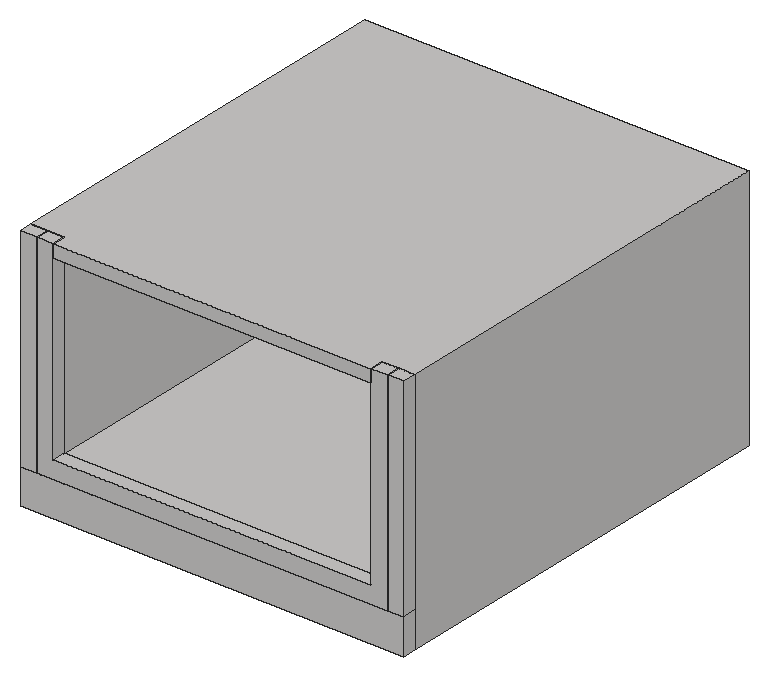
Revit family "QF_ELECTROLUXPROFESSIONAL_588679_MB1NCAGOOO", category Attrezzature speciali, Revit 2020
Family settings
  Quota connettore circolare = Usa diametro
  Tipo di parte = Normale
  Basato su piano di lavoro = No
  Sempre verticale = Sì
  Taglio con vuoti quando caricato = No
  Condiviso = No
  Punto di calcolo locali = No
Parameters (values of type "Standard")
  Weight = 20.00 kg
  Watts = 0 W
  Volts = 0 V
  URL Manufacturer = "https://www.electroluxprofessional.com/"
  URL = "https://www.electroluxprofessional.com/"
  Steam Supply Size = 0"
  Steam Supply Minimum Pressure = 0.00 psi
  Steam Supply Maximum Pressure = 0.00 psi
  Steam Consumption per Hour = 0
  Refrigeration Suction Line Size = 0 mm
  Refrigeration Liquid Line Size = 0 mm
  Refrigerant Compressor Remote = yes
  Prospetto di default = 0 mm
  Phase = 0
  Modello = "MB1NCAGOOO"
  Produttore = "Electrolux Professional"
  Length Actual = 700 mm  # constant formula
  Item Number = "588679"
  Hot Water Size = 0"
  Height Actual = 450 mm  # constant formula
  HP = "0 HP"
  Gas Size = 0"
  Gas KW = 0
  Gas Input Pressure = 0.0 Btu/h
  Direct Waste Size = 0"
  Descrizione = "OPEN BASE,GN,1-SIDE,700X850X450H"
  Depth Actual = 850 mm  # constant formula
  Cycle = 0 Hz
  Condensate Return Size = 0"
  Compressed Air Volume = 0 GPM
  Compressed Air Size = 0"
  Compressed Air Pressure = 0.00 psi
  Cold Water Size = 0"
  Accessory = yes
Reference planes
  plane 1 "BACK": y = 0
  plane 2: z = 0
  plane 3 "LEFT": x = 0
  plane 4 "RIGHT": x = 700
  plane 5 "FRONT": y = -850
  plane 6 "PLAIN": z = 900
  plane 7 "Center (Left/Right)": x = 350
  plane 8 "Center (Front/Back)": y = -425
  plane 9 "TOP": z = 650
  plane 10 "BASE": z = 200
  plane 11: x = 622
  plane 12: x = 78
  plane 13 "Feet_back": y = -150
  plane 14 "Feet_Front": y = -720
  plane 15: x = 30
  plane 16: x = 670
  plane 17: z = 265
  plane 18: y = -45
  plane 19: y = -805
  plane 20: y = -70
  plane 21: y = -830
  plane 22 "ButtonZ": z = 590
Forms (mm)
  Extrusion 1, solid, material "QF_Finishes_Stainless Steel"
    sketch origin (0, 0, 650) x (0, 1, 0) y (0, 0, 1)
      loop
        line (-45, -450) -> (-45, 0) -> (-805, 0) -> (-805, -450) -> (-45, -450)
    from 0 to 700
  Extrusion 2, solid, material "QF_Finishes_Stainless Steel"
    sketch origin (0, 0, 650) x (0, 1, 0) y (0, 0, 1)
      loop
        line (-830, -450) -> (-805, -450) -> (-805, -385) -> (-830, -385) -> (-830, -450)
    from 0 to 700
  Extrusion 3, void
    sketch origin (0, -850, 0) x (1, 0, 0) y (0, 0, 1)
      loop
        line (30, 650) -> (30, 265) -> (670, 265) -> (670, 650) -> (30, 650)
    from 0 to -780
  Extrusion 4, solid, material "QF_Finishes_Stainless Steel"
    sketch origin (0, -850, 0) x (1, 0, 0) y (0, 0, 1)
      loop
        line (60, 650) -> (60, 627) -> (640, 627) -> (640, 650) -> (60, 650)
    from -20 to -805
  Extrusion 5, solid, material "QF_Finishes_Stainless Steel"
    sketch origin (0, -850, 0) x (1, 0, 0) y (0, 0, 1)
      loop
        line (30, 650) -> (30, 265) -> (670, 265) -> (670, 650) -> (640, 650) -> (640, 295) -> (60, 295) -> (60, 650) -> (30, 650)
    from -45 to -780
  Extrusion 6, solid, material "QF_Finishes_Stainless Steel"
    sketch origin (0, -850, 0) x (1, 0, 0) y (0, 0, 1)
      loop
        line (0, 650) -> (0, 265) -> (30, 265) -> (30, 650) -> (0, 650)
    from -20 to -45
  Extrusion 7, solid, material "QF_Finishes_Stainless Steel"
    sketch origin (0, -850, 0) x (1, 0, 0) y (0, 0, 1)
      loop
        line (670, 650) -> (670, 265) -> (700, 265) -> (700, 650) -> (670, 650)
    from -20 to -45
  Extrusion 8, solid, material "QF_Finishes_Stainless Steel"
    sketch origin (85, -850, 0) x (1, 0, 0) y (0, 0, 1)
      loop
        line (-55, 650) -> (-55, 265) -> (585, 265) -> (585, 650) -> (555, 650) -> (555, 297) -> (-25, 297) -> (-25, 650) -> (-55, 650)
    from -20 to -45
Cuts and joins
  Extrusion 3 cuts Extrusion 1
  joined: Extrusion 1, Extrusion 4, Extrusion 5
Lines and regions (mm)
  symbolic lines, style "SpecialityEquipmentHiddenLines"
    curve 1: line (0, 0, 0) -> (700, 0, 0)
    curve 2: line (0, -850, 0) -> (0, 0, 0)
    curve 3: line (700, -850, 0) -> (0, -850, 0)
    curve 4: line (700, 0, 0) -> (700, -850, 0)
Dimensions and locks
  plane 3 "LEFT" to plane 4 "RIGHT" = 700 mm
  plane 5 "FRONT" to plane 1 "BACK" = 850 mm
  equal spacing: plane 3 "LEFT", plane 7 "Center (Left/Right)", plane 4 "RIGHT"
  equal spacing: plane 5 "FRONT", plane 8 "Center (Front/Back)", plane 1 "BACK"
  plane 6 "PLAIN" to plane 9 "TOP" = 250 mm
  plane 10 "BASE" to level = 200 mm
  plane 9 "TOP" to plane 10 "BASE" = 450 mm
  locked: plane 1 "BACK" to plane 13 "Feet_back" at 150
  locked: plane 14 "Feet_Front" to plane 5 "FRONT" at 130
  locked: plane 12 to plane 3 "LEFT" at 78
  locked: plane 11 to plane 4 "RIGHT" at 78
  locked: plane 17 to plane 10 "BASE" at 65
  locked: plane 1 "BACK" to plane 18 at 45
  plane 9 "TOP" to Extrusion 4 sketch curve = 23 mm
  locked: Extrusion 4 sketch curve to plane 15 at 30
  locked: plane 16 to Extrusion 4 sketch curve at 30
  locked: Extrusion 5 sketch curve to plane 17 at 30
  plane 6 "PLAIN" to level = 900 mm
  locked: plane 18 to plane 20 at 25
  locked: plane 21 to plane 5 "FRONT" at 20
  locked: plane 19 to plane 21 at 25
  plane 18 to plane 21 = 785 mm
  plane 22 "ButtonZ" to level = 590 mm
  plane 15 to plane 3 "LEFT" = 30 mm
  plane 16 to plane 4 "RIGHT" = 30 mm
  Extrusion 8 to Extrusion 8 = 580 mm
  aligned and locked: level to plane 2
  aligned and locked: Extrusion 1 to plane 4 "RIGHT"
  aligned and locked: Extrusion 1 to plane 3 "LEFT"
  aligned and locked: Extrusion 2 to plane 4 "RIGHT"
  aligned and locked: plane 9 "TOP" to Extrusion 3 sketch curve
  aligned and locked: Extrusion 3 sketch curve to plane 15
  aligned and locked: plane 16 to Extrusion 3 sketch curve
  aligned and locked: Extrusion 2 to plane 10 "BASE"
  aligned and locked: Extrusion 2 to plane 17
  aligned and locked: plane 17 to Extrusion 3 sketch curve
  aligned and locked: Extrusion 4 to plane 18
  aligned and locked: Extrusion 5 sketch curve to plane 15
  aligned and locked: plane 16 to Extrusion 5 sketch curve
  aligned and locked: plane 9 "TOP" to Extrusion 5 sketch curve  (x2)
  aligned and locked: plane 17 to Extrusion 5 sketch curve
  aligned and locked: Extrusion 5 sketch curve to Extrusion 4  (x2)
  aligned and locked: Extrusion 6 sketch curve to plane 9 "TOP"
  aligned and locked: plane 3 "LEFT" to Extrusion 6 sketch curve
  aligned and locked: Extrusion 6 sketch curve to plane 17
  aligned and locked: Extrusion 6 sketch curve to plane 15
  aligned and locked: Extrusion 7 sketch curve to plane 9 "TOP"
  aligned and locked: plane 16 to Extrusion 7 sketch curve
  aligned and locked: Extrusion 7 sketch curve to plane 17
  aligned and locked: plane 4 "RIGHT" to Extrusion 7 sketch curve
  aligned and locked: Extrusion 5 to plane 20
  aligned and locked: cut or joined group of Extrusion 1, Extrusion 3, Extrusion 4, Extrusion 5 to plane 20
  aligned and locked: cut or joined group of Extrusion 1, Extrusion 3, Extrusion 4, Extrusion 5 to plane 18
  aligned and locked: Extrusion 6 to plane 19
  aligned and locked: plane 21 to Extrusion 6
  aligned and locked: plane 21 to Extrusion 7
  aligned and locked: Extrusion 7 to plane 19
  aligned and locked: Extrusion 2 to plane 19
  aligned and locked: plane 21 to Extrusion 2
  aligned and locked: plane 19 to cut or joined group of Extrusion 1, Extrusion 3, Extrusion 4, Extrusion 5
  aligned and locked: Extrusion 8 sketch curve to plane 16
  aligned and locked: plane 15 to Extrusion 8 sketch curve
  aligned and locked: Extrusion 8 sketch curve to plane 17
  aligned and locked: plane 21 to cut or joined group of Extrusion 1, Extrusion 3, Extrusion 4, Extrusion 5
Automatic sketch dimensions
  curve 3 to plane 3 "LEFT" = 0 mm
  curve 3 to plane 4 "RIGHT" = 0 mm
  plane 5 "FRONT" to curve 3 = 0 mm
  plane 1 "BACK" to curve 2 = 0 mm
  Extrusion 1 sketch curve to plane 10 "BASE" = 0 mm
  plane 19 to Extrusion 1 sketch curve = 0 mm
  Extrusion 1 sketch curve to plane 18 = 0 mm
  Extrusion 1 sketch curve to plane 9 "TOP" = 0 mm
  plane 17 to Extrusion 2 sketch curve = 0 mm
  Extrusion 2 sketch curve to plane 21 = 0 mm
  Extrusion 2 sketch curve to plane 10 "BASE" = 0 mm
  Extrusion 2 sketch curve to plane 19 = 0 mm
  Extrusion 4 sketch curve to plane 9 "TOP" = 0 mm
  Extrusion 8 sketch curve to plane 9 "TOP" = 0 mm  (x2)
  plane 15 to Extrusion 8 sketch curve = 30 mm
  Extrusion 8 sketch curve to plane 16 = 30 mm
  Extrusion 8 sketch curve to plane 17 = 32 mm
